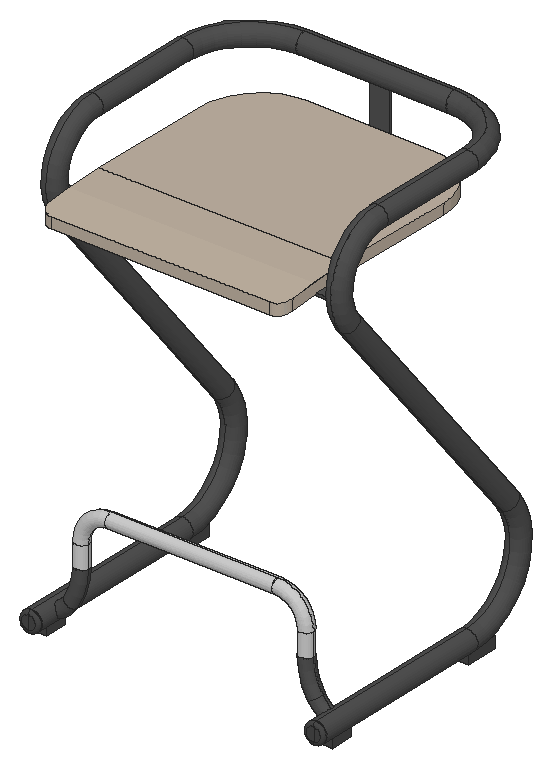
Revit family "Seating-LAMMHULTS-S70-3-Barstool", category Furniture, Revit 2015
Parameters (values of type "Black - Wood")
  Width = 480 mm
  Weight = "6.3 Kg"
  URL = "www.lammhults.se"
  Seat Material = Wood - Veneer - Birch
  Model = "S-70-3"
  Manufacturer = "LAMMHULTS"  # constant formula
  Length = 480 mm
  Legs Material = Plastic - Black
  Keynote = "46.B"
  Height = 710 mm
  Frame Material = Colour - Black
  Description = "*Please enter mtrl description here for use in mto*"
  Depth = 480 mm
  Content Author = "AEC AB"  # constant formula
  Assembly Code = "E2020"
Types (6, lengths in mm): name | Seat Material | Model | Legs Material | Frame Material
  Black - Black | Colour - Black | "S-70-3" | Plastic - Black | Colour - Black
  Black - Wood | Wood - Veneer - Birch | "S-70-3" | Plastic - Black | Colour - Black
  Crome - Black | Colour - Black | "S-70-3" | Plastic - Black | Metal - Chrome - Polished
  Crome - Wood | Wood - Veneer - Birch | "S-70-3" | Plastic - Black | Metal - Chrome - Polished
  White - White | Colour - White | "S-70-4" | Plastic - White | Colour - White
  White - Wood | Wood - Veneer - Birch | "S-70-5" | Plastic - White | Colour - White
Reference planes
  plane 1 "Center (Front/Back)": y = 0
  plane 2: z = 0
  plane 3 "Center (Left/Right)": x = 0
  plane 4: x = -238
  plane 5: x = 238
  plane 6: y = 222
  plane 7: y = -220
  plane 8 "Seat Top": z = 630
Forms (mm)
  Sweep 1, solid, material "Colour - Black" <- "Frame Material"
    path in 3D
      loop
        line (-222, -194, 26) -> (-222, 99.868, 26)
        arc (-222, 99.868, 26) -> (-222, 190.127, 82.949) -> (-222, 177.583, 188.932) r 100
        line (-222, 177.583, 188.932) -> (-222, -133.268, 572.801)
        arc (-222, -133.268, 572.801) -> (-222, -142.676, 652.288) -> (-222, -74.982, 695) r 75
        line (-222, -74.982, 695) -> (-222, 101, 695)
        arc (-222, 101, 695) -> (-191.246, 175.246, 695) -> (-117, 206, 695) r 105
        line (-117, 206, 695) -> (117, 206, 695)
        arc (117, 206, 695) -> (191.246, 175.246, 695) -> (222, 101, 695) r 105
        line (222, 101, 695) -> (222, -74.982, 695)
        arc (222, -74.982, 695) -> (222, -142.676, 652.288) -> (222, -133.268, 572.801) r 75
        line (222, -133.268, 572.801) -> (222, 177.583, 188.932)
        arc (222, 177.583, 188.932) -> (222, 190.127, 82.949) -> (222, 99.868, 26) r 100
        line (222, 99.868, 26) -> (222, -194, 26)
    profile origin (-222, -47.066, 26) x (0, 0, -1) y (-1, 0, 0)
      loop
        circle (0, 0) r 16
  Extrusion 2, solid, material "Wood - Veneer - Birch" <- "Seat Material"
    sketch origin (0, 0, 0) x (0, 1, 0) y (0, 0, 1)
      loop
        line (-228.571, 618.411) -> (-239.611, 615.453) -> (-235.211, 599.032) -> (-224.712, 601.845)
        arc (-224.712, 601.845) -> (-169.599, 611.219) -> (-113.734, 613.304) r 426.571
        arc (-113.734, 613.304) -> (40.322, 611.006) -> (194.384, 612.82) r 5772.621
        line (194.384, 612.82) -> (194.384, 629.826)
        arc (194.384, 629.826) -> (45.97, 628) -> (-102.441, 630.002) r 5755.621
        arc (-102.441, 630.002) -> (-165.849, 627.932) -> (-228.571, 618.411) r 537.855
    from -197.005 to 199.845
  Extrusion 3, void
    sketch origin (0, 0, 0) x (1, 0, 0) y (0, 1, 0)
      loop
        line (-190, 95) -> (-190, -200)
        arc (-190, -200) -> (-184.142, -214.142) -> (-170, -220) r 20
        line (-170, -220) -> (170, -220)
        arc (170, -220) -> (184.142, -214.142) -> (190, -200) r 20
        line (190, -200) -> (190, 95)
        arc (190, 95) -> (163.64, 158.64) -> (100, 185) r 90
        line (100, 185) -> (-100, 185)
        arc (-100, 185) -> (-163.64, 158.64) -> (-190, 95) r 90
      loop
        line (-198.894, 196.288) -> (-198.894, -243.712) -> (206.106, -243.712) -> (206.106, 196.288) -> (-198.894, 196.288)
    from 547.298 to 662.427
  Sweep 4, solid, material "Metal - Chrome - Polished"
    path in 3D
      loop
        line (-175, -155, 102) -> (-175, -155, 137)
        arc (-175, -155, 137) -> (-161.82, -155, 168.82) -> (-130, -155, 182) r 45
        line (-130, -155, 182) -> (130, -155, 182)
        arc (130, -155, 182) -> (161.82, -155, 168.82) -> (175, -155, 137) r 45
        line (175, -155, 137) -> (175, -155, 102)
    profile origin (-175, -155, 119.5) x (-1, 0, 0) y (0, -1, 0)
      loop
        circle (0, 0) r 10.951
  Sweep 5, solid, material "Colour - Black" <- "Frame Material"
    path in 3D
      loop
        arc (-220.925, -155, 25.576) -> (-203.656, -155, 33.622) -> (-190.651, -155, 47.544) r 50
        arc (-190.651, -155, 47.544) -> (-178.99, -155, 73.67) -> (-175, -155, 102) r 102.566
    profile origin (-203.656, -155, 33.622) x (-0.587299, 0, 0.80937) y (0, -1, 0)
      loop
        circle (0, 0) r 11
  Sweep 6, solid, material "Colour - Black" <- "Frame Material"
    path in 3D
      loop
        arc (220.925, -155, 25.576) -> (203.656, -155, 33.622) -> (190.651, -155, 47.544) r 50
        arc (190.651, -155, 47.544) -> (178.99, -155, 73.67) -> (175, -155, 102) r 102.566
    profile origin (203.656, -155, 33.622) x (-0.587299, 0, -0.80937) y (0, -1, 0)
      loop
        circle (0, 0) r 11
  Extrusion 7, solid, material "Colour - Black" <- "Frame Material"
    sketch origin (0, 0, 0) x (0, 1, 0) y (0, 0, 1)
      loop
        line (206, 685.818) -> (206, 614)
        arc (206, 614) -> (185.5, 593.5) -> (165, 614) r 20.5
        line (165, 614) -> (163, 614)
        arc (163, 614) -> (185.5, 591.5) -> (208, 614) r 22.5
        line (208, 614) -> (208, 685.818) -> (206, 685.818)
    from -15 to 17
  Extrusion 8, solid, material "Colour - Black" <- "Frame Material"
    sketch origin (0, 1.25, 0) x (1, 0, 0) y (0, 1, 0)
      loop
        line (-223, -136.25) -> (-223, -156.25) -> (223, -156.25) -> (223, -136.25) -> (-223, -136.25)
    from 608.505 to 612.592
  Revolve 9, solid, material "Plastic - Black" <- "Legs Material"
    sketch origin (-222, 217, 0) x (0, -1, 0) y (0, 0, 1)
      loop
        line (411, 10) -> (412, 10)
        arc (412, 10) -> (415.536, 11.464) -> (417, 15) r 5
        line (417, 15) -> (417, 26) -> (411, 26) -> (411, 10)
      axis (411, 26) -> (417, 26)
    angle from 0 to 360
  Revolve 10, solid, material "Plastic - Black" <- "Legs Material"
    sketch origin (222, 217, 0) x (0, -1, 0) y (0, 0, -1)
      loop
        line (411, -10) -> (411, -26) -> (417, -26) -> (417, -15)
        arc (417, -15) -> (415.536, -11.464) -> (412, -10) r 5
        line (412, -10) -> (411, -10)
      axis (411, -26) -> (417, -26)
    angle from 0 to 360
  Extrusion 11, solid, material "Plastic - Black" <- "Legs Material"
    sketch origin (-222, 217, 0) x (0, -1, 0) y (0, 0, 1)
      loop
        line (393, 0) -> (393, 18) -> (358, 18) -> (358, 0) -> (393, 0)
      loop
        line (128, 0) -> (128, 12.422)
        arc (128, 12.422) -> (102.81, 14.541) -> (77.928, 19.009) r 269.76
        line (77.928, 19.009) -> (77.928, 0) -> (128, 0)
    from -9 to 11
  Extrusion 12, solid, material "Plastic - Black" <- "Legs Material"
    sketch origin (222, 217, 0) x (0, -1, 0) y (0, 0, -1)
      loop
        line (393, 0) -> (358, 0) -> (358, -18) -> (393, -18) -> (393, 0)
      loop
        line (128, 0) -> (77.928, 0) -> (77.928, -19.009)
        arc (77.928, -19.009) -> (102.81, -14.541) -> (128, -12.422) r 269.76
        line (128, -12.422) -> (128, 0)
    from -9 to 11
Cuts and joins
  Extrusion 3 cuts Extrusion 2
  joined: Sweep 1, Sweep 5, Sweep 6, Extrusion 7, Extrusion 8
Lines and regions (mm)
  Masking region 1
    outline origin (0, 0, 0) x (1, 0, 0) y (0, 1, 0)
      loop
        line (190, -220) -> (190, -155) -> (206, -155) -> (206, -194) -> (238, -194) -> (238, 202)
        arc (238, 202) -> (222, 218) -> (206, 202) r 16
        line (206, 202) -> (206, 183.584)
        arc (206, 183.584) -> (166.01, 211.978) -> (118, 222) r 120
        line (118, 222) -> (-118, 222)
        arc (-118, 222) -> (-166.01, 211.978) -> (-206, 183.584) r 120
        line (-206, 183.584) -> (-206, 202)
        arc (-206, 202) -> (-222, 218) -> (-238, 202) r 16
        line (-238, 202) -> (-238, -194) -> (-206, -194) -> (-206, -155) -> (-190, -155) -> (-190, -220) -> (190, -220)
      loop
        line (-100, 185) -> (-15, 185) -> (-15, 190) -> (-118, 190)
        arc (-118, 190) -> (-180.225, 164.225) -> (-206, 102) r 88
        line (-206, 102) -> (-206, -135) -> (-190, -135) -> (-190, 95)
        arc (-190, 95) -> (-163.64, 158.64) -> (-100, 185) r 90
      loop
        line (190, 95) -> (190, -135) -> (206, -135) -> (206, 102)
        arc (206, 102) -> (180.225, 164.225) -> (118, 190) r 88
        line (118, 190) -> (17, 190) -> (17, 185) -> (100, 185)
        arc (100, 185) -> (163.64, 158.64) -> (190, 95) r 90
  sketch lines
    curve 1: line (-222, -194, 26) -> (-222, 99.868, 26)
    curve 2: arc (-222, 99.868, 26) -> (-222, 190.127, 82.949) -> (-222, 177.583, 188.932) r 100
    curve 3: line (-222, -133.268, 572.801) -> (-222, 177.583, 188.932)
    curve 4: arc (-222, -133.268, 572.801) -> (-222, -142.676, 652.288) -> (-222, -74.982, 695) r 75
    curve 5: line (-222, -74.982, 695) -> (-222, 101, 695)
    curve 6: arc (-117, 206, 695) -> (-191.246, 175.246, 695) -> (-222, 101, 695) r 105
    curve 7: line (117, 206, 695) -> (-117, 206, 695)
    curve 8: arc (117, 206, 695) -> (191.246, 175.246, 695) -> (222, 101, 695) r 105
    curve 9: line (222, -74.982, 695) -> (222, 101, 695)
    curve 10: arc (222, -133.268, 572.801) -> (222, -142.676, 652.288) -> (222, -74.982, 695) r 75
    curve 11: line (222, -133.268, 572.801) -> (222, 177.583, 188.932)
    curve 12: arc (222, 99.868, 26) -> (222, 190.127, 82.949) -> (222, 177.583, 188.932) r 100
    curve 13: line (222, -194, 26) -> (222, 99.868, 26)
    curve 14: line (-175, -155, 102) -> (-175, -155, 137)
    curve 15: arc (-130, -155, 182) -> (-161.82, -155, 168.82) -> (-175, -155, 137) r 45
    curve 16: line (-130, -155, 182) -> (130, -155, 182)
    curve 17: arc (130, -155, 182) -> (161.82, -155, 168.82) -> (175, -155, 137) r 45
    curve 18: line (175, -155, 102) -> (175, -155, 137)
    curve 19: arc (-220.925, -155, 25.576) -> (-203.656, -155, 33.622) -> (-190.651, -155, 47.544) r 50
    curve 20: arc (-175, -155, 102) -> (-178.99, -155, 73.67) -> (-190.651, -155, 47.544) r 102.566
    curve 21: arc (220.925, -155, 25.576) -> (203.656, -155, 33.622) -> (190.651, -155, 47.544) r 50
    curve 22: arc (175, -155, 102) -> (178.99, -155, 73.67) -> (190.651, -155, 47.544) r 102.566
  symbolic lines
    curve 23: arc (-206, 183.584, 0) -> (-229.726, 145.787, 0) -> (-238, 101.934, 0) r 120
    curve 24: arc (206, 183.584, 0) -> (229.726, 145.787, 0) -> (238, 101.934, 0) r 120
    curve 25: line (-190, -155, 0) -> (-190, -135, 0)
    curve 26: line (-206, -155, 0) -> (-206, -135, 0)
    curve 27: line (190, -155, 0) -> (190, -135, 0)
    curve 28: line (206, -155, 0) -> (206, -135, 0)
    curve 29: line (-15, 190, 0) -> (17, 190, 0)
    curve 30: line (17, 185, 0) -> (-15, 185, 0)
Dimensions and locks
  aligned and locked: level to plane 2
